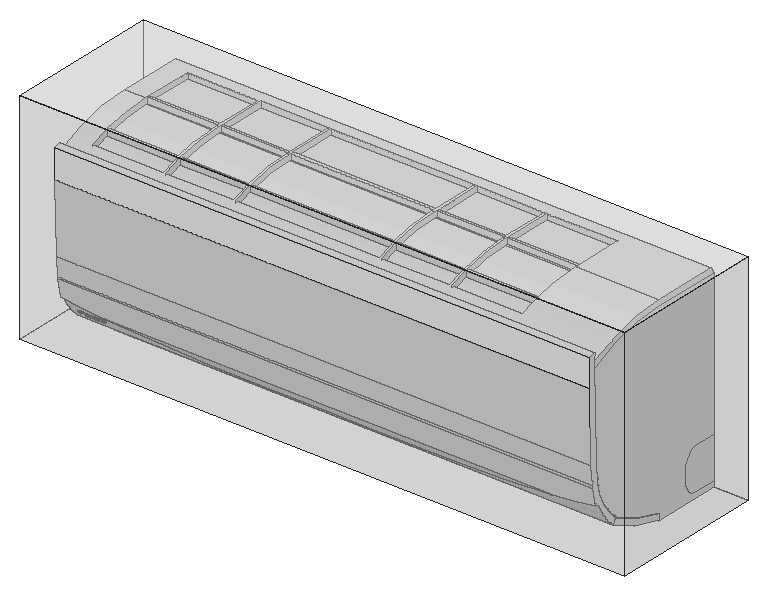
Revit family "outputfile", category 機械設備, Revit 2024
Family settings
  丸型コネクタ寸法 = 半径を使用
  パーツ タイプ = 標準
  OmniClass 番号 = 23.75.10.24.21.27.27
  OmniClass タイトル = Split System Air Conditioning Units
  作業面ベース = いいえ
  常に垂直 = はい
  ロード時にボイドで切り取り = いいえ
  注釈の向きを維持 = いいえ
  共有 = いいえ
  部屋計算ポイント = いいえ
Parameters (values of type "FTKM35Q2VMA")
  書き出し IFC クラス(タイプ) = "IfcUnitaryEquipmentType"
  定義済み IFC タイプ(タイプ) = "AIRCONDITIONINGUNIT"
  Cost = 0
  Type Comments = ""
  Keynote = ""
  Type Image = (empty or 0)
  Assembly Code = ""
  w_wall hole = if(Width = 770.0 mm, 48.0 mm, 60.0 mm)  # 48.0 mm
  製造元 = "Daikin"
  モデル = "FTKM35Q2VMA"
  switch_frequency = yes
  r_Liquid Pipe Size = Liquid Pipe Size / 2  # 3.2 mm
  r_Gas Pipe Size = Gas Pipe Size / 2  # 4.75 mm
  r_Drain Pipe Size = Drain Pipe Size / 2  # 8.0 mm
  lw_powersupply [instance] = if(Width = 770.0 mm, if(or(Rear Right Connection_refrigerant, Bottom Right Connection_refrigerant), 25.0 mm, if(or(Rear Left Connection_refrigerant, Bottom Left Connection_refrigerant), 745.0 mm, 400.0 mm)), if(Width = 990.0 mm, if(or(Rear Right Connection_refrigerant, Bottom Right Connection_refrigerant), 40.0 mm, if(or(Rear Left Connection_refrigerant, Bottom Left Connection_refrigerant), 920.0 mm, 400.0 mm)), if(or(Rear Right Connection_refrigerant, Bottom Right Connection_refrigerant), 40.0 mm, if(or(Rear Left Connection_refrigerant, Bottom Left Connection_refrigerant), 920.0 mm, 400.0 mm))))  # 400.0 mm
  lw_liquidpipe [instance] = if(Width = 770.0 mm, if(or(Rear Right Connection_refrigerant, Bottom Right Connection_refrigerant), 0.0 mm, if(or(Rear Left Connection_refrigerant, Bottom Left Connection_refrigerant), 664.0 mm, 385.0 mm)), if(Width = 990.0 mm, if(or(Rear Right Connection_refrigerant, Bottom Right Connection_refrigerant), 0.0 mm, if(or(Rear Left Connection_refrigerant, Bottom Left Connection_refrigerant), 664.0 mm + (990.0 mm - 770.0 mm), 475.0 mm)), if(or(Rear Right Connection_refrigerant, Bottom Right Connection_refrigerant), 0.0 mm, if(or(Rear Left Connection_refrigerant, Bottom Left Connection_refrigerant), 664.0 mm + (990.0 mm - 770.0 mm), 475.0 mm))))  # 385.0 mm
  lw_gaspipe [instance] = if(Width = 770.0 mm, if(or(Rear Right Connection_refrigerant, Bottom Right Connection_refrigerant), 0.0 mm, if(or(Rear Left Connection_refrigerant, Bottom Left Connection_refrigerant), 675.0 mm, if(Gas Pipe Size = 12.7 mm, 345.0 mm, 335.0 mm))), if(Width = 990.0 mm, if(or(Rear Right Connection_refrigerant, Bottom Right Connection_refrigerant), 10.0 mm, if(or(Rear Left Connection_refrigerant, Bottom Left Connection_refrigerant), 890.0 mm, if(Gas Pipe Size = 15.9 mm, 410.0 mm, 400.0 mm))), if(or(Rear Right Connection_refrigerant, Bottom Right Connection_refrigerant), 10.0 mm, if(or(Rear Left Connection_refrigerant, Bottom Left Connection_refrigerant), 890.0 mm, if(Gas Pipe Size = 15.9 mm, 410.0 mm, 400.0 mm)))))  # 335.0 mm
  lw_drainpipe [instance] = if(Width = 770.0 mm, if(or(Rear Right Connection_refrigerant, Bottom Right Connection_refrigerant), 0.0 mm, if(or(Rear Left Connection_refrigerant, Bottom Left Connection_refrigerant), 770.0 mm - 48.0 mm - 48.0 mm, 440.0 mm)), if(Width = 990.0 mm, if(or(Rear Right Connection_refrigerant, Bottom Right Connection_refrigerant), 0.0 mm, if(or(Rear Left Connection_refrigerant, Bottom Left Connection_refrigerant), 675.0 mm + (990.0 mm - 770.0 mm), 435.0 mm)), if(or(Rear Right Connection_refrigerant, Bottom Right Connection_refrigerant), 0.0 mm, if(or(Rear Left Connection_refrigerant, Bottom Left Connection_refrigerant), 675.0 mm + (990.0 mm - 770.0 mm), 435.0 mm))))  # 440.0 mm
  l_powersupply_length [instance] = if(Width = 770.0 mm, if(Right Connection_refrigerant, 400.0 mm, if(Left Connection_refrigerant, 770.0 mm - 400.0 mm, if(or(Rear Left Connection_refrigerant, Rear Right Connection_refrigerant), 15.0 mm, 50.0 mm))), if(Width = 990.0 mm, if(Right Connection_refrigerant, 400.0 mm, if(Left Connection_refrigerant, 990.0 mm - 400.0 mm, if(or(Rear Left Connection_refrigerant, Rear Right Connection_refrigerant), 15.0 mm, 50.0 mm))), if(Right Connection_refrigerant, 400.0 mm, if(Left Connection_refrigerant, 990.0 mm - 400.0 mm, if(or(Rear Left Connection_refrigerant, Rear Right Connection_refrigerant), 15.0 mm, 50.0 mm)))))  # 400.0 mm
  l_liquidpipe_length [instance] = if(Width = 770.0 mm, if(Right Connection_refrigerant, 433.0 mm, if(Left Connection_refrigerant, 337.0 mm, if(or(Rear Left Connection_refrigerant, Rear Right Connection_refrigerant), 30.0 mm, 40.0 mm))), if(Width = 990.0 mm, if(Right Connection_refrigerant, 535.0 mm, if(Left Connection_refrigerant, 455.0 mm, if(or(Rear Left Connection_refrigerant, Rear Right Connection_refrigerant), 30.0 mm, 40.0 mm))), if(Right Connection_refrigerant, 535.0 mm, if(Left Connection_refrigerant, 455.0 mm, if(or(Rear Left Connection_refrigerant, Rear Right Connection_refrigerant), 30.0 mm, 40.0 mm)))))  # 433.0 mm
  l_gaspipe_length [instance] = if(Width = 770.0 mm, if(Right Connection_refrigerant, if(Gas Pipe Size = 12.7 mm, 393.0 mm, 383.0 mm), if(Left Connection_refrigerant, if(Gas Pipe Size = 12.7 mm, 770.0 mm - 393.0 mm, 770.0 mm - 383.0 mm), if(or(Rear Left Connection_refrigerant, Rear Right Connection_refrigerant), 40.0 mm, 50.0 mm))), if(Width = 990.0 mm, if(Right Connection_refrigerant, if(Gas Pipe Size = 15.9 mm, 470.0 mm, 460.0 mm), if(Left Connection_refrigerant, if(Gas Pipe Size = 15.9 mm, 990.0 mm - 470.0 mm, 990.0 mm - 460.0 mm), if(or(Rear Left Connection_refrigerant, Rear Right Connection_refrigerant), 40.0 mm, 50.0 mm))), if(Right Connection_refrigerant, if(Gas Pipe Size = 15.9 mm, 470.0 mm, 460.0 mm), if(Left Connection_refrigerant, if(Gas Pipe Size = 15.9 mm, 990.0 mm - 470.0 mm, 990.0 mm - 460.0 mm), if(or(Rear Left Connection_refrigerant, Rear Right Connection_refrigerant), 40.0 mm, 50.0 mm)))))  # 383.0 mm
  l_drainpipe_length [instance] = if(Width = 770.0 mm, if(Right Connection_refrigerant, 488.0 mm, if(Left Connection_refrigerant, 282.0 mm, if(or(Rear Left Connection_refrigerant, Rear Right Connection_refrigerant), 15.0 mm, 20.0 mm))), if(Width = 990.0 mm, if(Right Connection_refrigerant, 495.0 mm, if(Left Connection_refrigerant, 495.0 mm, if(or(Rear Left Connection_refrigerant, Rear Right Connection_refrigerant), 15.0 mm, 20.0 mm))), if(Right Connection_refrigerant, 495.0 mm, if(Left Connection_refrigerant, 495.0 mm, if(or(Rear Left Connection_refrigerant, Rear Right Connection_refrigerant), 15.0 mm, 20.0 mm)))))  # 488.0 mm
  h*** = 0.0 mm  # constant formula
  connector_voltage = Voltage_50Hz  # 230 V
  connector_powerinput = [Power Input (Cooling)]  # 0.000 kW
  connector_phase = Phase_50Hz  # 1
  angle_vertical [instance] = if(or(Bottom Left Connection_refrigerant, Bottom Right Connection_refrigerant), 0.00°, 90.00°)  # 90.00°
  angle_horizontal [instance] = if(Right Connection_refrigerant, 90.00°, if(Left Connection_refrigerant, -90.00°, if(or(Rear Left Connection_refrigerant, Rear Right Connection_refrigerant), 180.00°, 0.00°)))  # 90.00°
  Width = 770.0 mm
  Voltage_comment_50Hz = "220 - 240"
  Voltage_50Hz = 230 V
  Version = "ver.1.0"
  Unit Type = "Wall Mounted"
  Unit Mass Weight = 9.00 kg
  Unit Designation [instance] = ""
  Uniclass2015Version = "Products v1.30"
  Uniclass2015Title = "Split coil room air conditioning units"
  Uniclass2015Code = "Pr_70_65_03_86"
  URL = ""
  Total Cooling Capacity [instance] = 0.000 kW
  Sound Pressure Level_M speed (dBA) = 34
  Sound Pressure Level_L speed (dBA) = 26
  Sound Pressure Level_H speed (dBA) = 42
  Sound Power Level_H speed (dB) = 0
  Series = "Single Split_Fan Coil Unit"
  Sensible Cooling Capacity [instance] = 0.000 kW
  Refrigerant Type = "R32"
  Power Input (Cooling) = 0.000 kW
  Phase_50Hz = 1
  Option Accessory 3 [instance] = ""
  Option Accessory 2 [instance] = ""
  Option Accessory 1 [instance] = ""
  Nominal Cooling Capacity = 3.500 kW
  Minimum Circuit Amps_50Hz = 0.0 A
  Minimum Airflow = 324.00 m³/h
  Median Airflow = 456.00 m³/h
  Maximum Fuse Amps_50Hz = 0.0 A
  Maximum Airflow = 630.00 m³/h
  Material_Casing = DAIKIN_PureWhite_Casing_indoorunit
  Load Classification = HVAC
  Liquid Pipe Size = 6.4 mm
  Link_Nested Family [instance] = ""
  IfcVersion = ""
  IfcExportType = "AIRCONDITIONINGUNIT"
  IfcExportAs = "IfcUnitaryEquipmentType"
  Height = 285.0 mm
  Heat Exchanger Type = "Cross Fin Coil"
  Gas Pipe Size = 9.5 mm
  Frequency_50Hz = 50 Hz
  Fan Type = "Cross Flow Fan"
  Fan Drive = "Direct Drive"
  FCU Tag No. [instance] = ""
  Drain Pipe Size = 16.0 mm
  Design Supply Airflow [instance] = 0.00 m³/h
  Description = ""
  Depth = 223.0 mm
  既定の高さ = 0.0 mm
  Cooling Entering Wet Bulb Temperature [instance] = 0.00 °C
  Cooling Entering Dry Bulb Temperature [instance] = 0.00 °C
  Cooling Ambient Wet Bulb Temperature [instance] = 0.00 °C
  Cooling Ambient Dry Bulb Temperature [instance] = 0.00 °C
  Clearance visibility [instance] = yes
  Clearance Top = 30.0 mm
  Clearance Right = 50.0 mm
  Clearance Rear = 0.0 mm
  Clearance Left = 50.0 mm
  Clearance Front = 0.0 mm
  Clearance Bottom = 0.0 mm
  Bottom Right Connection_refrigerant [instance] = no
  Bottom Left Connection_refrigerant [instance] = no
  Rear Right Connection_refrigerant [instance] = no
  Rear Left Connection_refrigerant [instance] = no
  Right Connection_refrigerant [instance] = yes
  Left Connection_refrigerant [instance] = no
Reference planes
  plane 1 "Back": y = 0
  plane 2: z = 0
  plane 3 "Center (Left/Right)": x = 0
  plane 4 "Center (Front/Back)": y = -111.5
  plane 5 "Front": y = -223
  plane 6 "Left": x = -385
  plane 7 "Right": x = 385
  plane 8 "Top": z = 0
  plane 9 "Bottom": z = -285
  plane 10: x = -435
  plane 11: x = 435
  plane 12: y = 0
  plane 13: y = -223
  plane 14: z = 30
  plane 15: z = -285
  plane 16 "lw_Piping and Wiring intake": x = 337
  plane 17 "lw_gaspipe": x = 2
  plane 18 "lw_liquidpipe": x = -48
  plane 19 "lw_drainpipe": x = -103
  plane 20 "lh_drainpipe": z = -265
  plane 21 "lh_liquidpipe": z = -245
  plane 22 "lh_gaspipe": z = -235
  plane 23 "ld_drainpipe": y = -15
  plane 24 "ld_liquidpipe": y = -30
  plane 25 "ld_gaspipe": y = -40
  plane 26 "lw_powersupply": x = -15
Dimensions and locks
  equal spacing: plane 6 "Left", plane 3 "Center (Left/Right)", plane 7 "Right"
  "Width": plane 6 "Left" to plane 7 "Right"
  equal spacing: plane 5 "Front", plane 4 "Center (Front/Back)", plane 1 "Back"
  "Depth": plane 5 "Front" to plane 1 "Back"
  "Height": plane 8 "Top" to plane 9 "Bottom"
  "Clearance Rear": plane 12 to plane 1 "Back"
  "Clearance Front": plane 13 to plane 5 "Front"
  "Clearance Top": plane 14 to plane 8 "Top"
  "Clearance Bottom": plane 9 "Bottom" to plane 15
  "w_wall hole": plane 16 "lw_Piping and Wiring intake" to plane 7 "Right"
  "lw_gaspipe": plane 17 "lw_gaspipe" to plane 16 "lw_Piping and Wiring intake"
  "lw_liquidpipe": plane 18 "lw_liquidpipe" to plane 16 "lw_Piping and Wiring intake"
  "lw_drainpipe": plane 19 "lw_drainpipe" to plane 16 "lw_Piping and Wiring intake"
  locked: plane 20 "lh_drainpipe" to plane 9 "Bottom" at 20
  locked: plane 21 "lh_liquidpipe" to plane 9 "Bottom" at 40
  locked: plane 22 "lh_gaspipe" to plane 9 "Bottom" at 50
  locked: plane 23 "ld_drainpipe" to plane 1 "Back" at 15
  locked: plane 1 "Back" to plane 24 "ld_liquidpipe" at 30
  locked: plane 1 "Back" to plane 25 "ld_gaspipe" at 40
  "lw_powersupply": plane 26 "lw_powersupply" to plane 7 "Right"
  "Clearance Right": plane 7 "Right" to plane 11
  "Clearance Left": plane 10 to plane 6 "Left"
  aligned and locked: level to plane 2
  aligned and locked: plane 12 to nested 1
  aligned and locked: nested 1 to plane 13
  aligned and locked: plane 10 to nested 1
  aligned and locked: plane 11 to nested 1
  aligned and locked: plane 15 to nested 1
  aligned and locked: plane 14 to nested 1
  aligned and locked: plane 17 "lw_gaspipe" to nested 2
  aligned and locked: nested 2 to plane 25 "ld_gaspipe"
  aligned and locked: plane 18 "lw_liquidpipe" to nested 3
  aligned and locked: nested 3 to plane 24 "ld_liquidpipe"
  aligned and locked: plane 19 "lw_drainpipe" to nested 4
  aligned and locked: nested 4 to plane 23 "ld_drainpipe"
  aligned and locked: nested 5 to plane 23 "ld_drainpipe"
  aligned and locked: plane 26 "lw_powersupply" to nested 5
  aligned and locked: level to plane 8 "Top"
  aligned and locked: plane 3 "Center (Left/Right)" to nested 6
  aligned and locked: plane 1 "Back" to nested 6
  aligned and locked: plane 8 "Top" to nested 6
Nested families
  nested 1: "daikin_clearancespace" at (0, -111.5, -127.381), show <- "Clearance visibility", visible <- "Clearance visibility", Link_Nested Family <- "Link_Nested Family", type "daikin_clearancespace"
    with width 870.0 mm, show yes, height 315.0 mm, depth 223.0 mm, Link_Nested Family ""
  nested 2: "daikin_connector_rotate3" at (2, -40, -235), angle_vertical <- "angle_vertical", angle_horizontal <- "angle_horizontal", length <- "l_gaspipe_length", radius <- "r_Gas Pipe Size", type "daikin_connector_rotate3"
    with show no, radius 4.75 mm, length 383.0 mm, angle_vertical 90.00°, angle_horizontal 90.00°
  nested 3: "daikin_connector_rotate3" at (-48, -30, -245), angle_vertical <- "angle_vertical", angle_horizontal <- "angle_horizontal", radius <- "r_Liquid Pipe Size", length <- "l_liquidpipe_length", type "daikin_connector_rotate3"
    with show no, radius 3.2 mm, length 433.0 mm, angle_vertical 90.00°, angle_horizontal 90.00°
  nested 4: "daikin_connector_rotate3" at (-103, -15, -265), angle_vertical <- "angle_vertical", angle_horizontal <- "angle_horizontal", length <- "l_drainpipe_length", radius <- "r_Drain Pipe Size", type "daikin_connector_rotate3"
    with show no, radius 8.0 mm, length 488.0 mm, angle_vertical 90.00°, angle_horizontal 90.00°
  nested 5: "daikin_connector_rotate3" at (-15, -15, -235), angle_vertical <- "angle_vertical", angle_horizontal <- "angle_horizontal", length <- "l_powersupply_length", type "daikin_connector_rotate3"
    with show no, radius 10.0 mm, length 400.0 mm, angle_vertical 90.00°, angle_horizontal 90.00°
  nested 6: "DAIKIN_indoorunit_FTKM-Q2VMA" at (-31, 0, 0), type "FTKM-Q2VMA"
Connectors
  piping at (385, -40, -235), diameter 9.5, driven by "r_Gas Pipe Size"
    settings: on nested 2, index 1, connector inside diameter 609.6 mm, connector length 0.0 mm, flow factor 0, pipe flow 0.00 m³/h, pressure drop 0.0 Pa, fitting loss kfactor 0, connector angle 0.00°, fixture units 0, engagement length 0.0 mm, angle of deflection 0.00°, flow configuration 1, flow direction 2, fitting loss method 0, system type 29, joint type 0, gender type 0, connector reference index -1, connector utility 0, adjustable connector no, is connector primary yes, connector description "Refrigerant Gas Piping"
  piping at (385, -30, -245), diameter 6.4, driven by "r_Liquid Pipe Size"
    settings: on nested 3, index 2, connector inside diameter 609.6 mm, connector length 0.0 mm, flow factor 0, pipe flow 0.00 m³/h, pressure drop 0.0 Pa, fitting loss kfactor 0, connector angle 0.00°, fixture units 0, engagement length 0.0 mm, angle of deflection 0.00°, flow configuration 1, flow direction 1, fitting loss method 0, system type 29, joint type 0, gender type 0, connector reference index -1, connector utility 0, adjustable connector no, is connector primary no, connector description "Refrigerant Liquid Piping"
  piping at (385, -15, -265), diameter 16, driven by "r_Drain Pipe Size"
    settings: on nested 4, index 3, connector inside diameter 609.6 mm, connector length 0.0 mm, flow factor 0, pipe flow 0.00 m³/h, pressure drop 0.0 Pa, fitting loss kfactor 0, connector angle 0.00°, fixture units 0, engagement length 0.0 mm, angle of deflection 0.00°, flow configuration 1, flow direction 2, fitting loss method 4, system type 16, joint type 0, gender type 0, connector reference index -1, connector utility 0, adjustable connector no, is connector primary no, connector description "Condensate Drain Piping"
  electrical at (385, -15, -235), driven by "Load Classification", driven by "connector_powerinput", driven by "connector_voltage", driven by "connector_phase"
    settings: on nested 5, index 4, voltage 230 V, apparent load 0 VA, apparent load phase1 0 VA, apparent load phase2 0 VA, apparent load phase3 0 VA, power factor 1, load classification "HVAC", number of poles 1, system type 30, power factor state 1, is connector primary yes, connector utility no, sub classification motor no, connector description "Power Supply"
Definition of nested family "daikin_clearancespace"
  Parameters (values of type "daikin_clearancespace")
    Description = "daikin_clearancespace"
    width [instance] = 1823.963 mm
    show [instance] = yes
    material = none
    height [instance] = 1359.762 mm
    depth [instance] = 880.0 mm
    Default Elevation = 0.0 mm
    Link_Nested Family [instance] = ""
  Reference planes
    plane 1 "Center (Front/Back)": y = 0
    plane 2 "Center (Elevation)": z = -0.119
    plane 3 "Center (Left/Right)": x = 0
    plane 4: y = 440
    plane 5: y = -440
    plane 6 "Right": x = 911.982
    plane 7 "Left": x = -911.982
    plane 8 "Top": z = 679.762
    plane 9 "Bottom": z = -680
  Forms (mm)
    Extrusion 1, solid, material <- "material", visible <- "show"
      sketch origin (0, 0, 0) x (1, 0, 0) y (0, 1, 0)
        loop
          line (-911.982, 440) -> (-911.982, -440) -> (911.982, -440) -> (911.982, 440) -> (-911.982, 440)
      from -680 to 679.762
  Lines and regions (mm)
    symbolic lines, visible <- "show"
      curve 1: line (911.982, 440, 0) -> (-911.982, 440, 0)
      curve 2: line (-911.982, 440, 0) -> (-911.982, -440, 0)
      curve 3: line (-911.982, -440, 0) -> (911.982, -440, 0)
      curve 4: line (911.982, -440, 0) -> (911.982, 440, 0)
      curve 5: line (911.982, 0, 679.762) -> (-911.982, 0, 679.762)
      curve 6: line (911.982, 0, -680) -> (911.982, 0, 679.762)
      curve 7: line (-911.982, 0, -680) -> (911.982, 0, -680)
      curve 8: line (-911.982, 0, 679.762) -> (-911.982, 0, -680)
      curve 9: line (0, 440, 679.762) -> (0, -440, 679.762)
      curve 10: line (0, -440, 679.762) -> (0, -440, -680)
      curve 11: line (0, 440, -680) -> (0, 440, 679.762)
      curve 12: line (0, -440, -680) -> (0, 440, -680)
  Dimensions and locks
    "width": plane 7 "Left" to plane 6 "Right"
    "depth": plane 4 to plane 5
    "height": plane 8 "Top" to plane 9 "Bottom"
    equal spacing: plane 7 "Left", plane 3 "Center (Left/Right)", plane 6 "Right"
    equal spacing: plane 4, plane 1 "Center (Front/Back)", plane 5
    equal spacing: plane 8 "Top", plane 2 "Center (Elevation)", plane 9 "Bottom"
    aligned and locked: level to plane 2 "Center (Elevation)"
    aligned and locked: Extrusion 1 sketch curve to plane 4
    aligned and locked: plane 7 "Left" to Extrusion 1 sketch curve
    aligned and locked: Extrusion 1 sketch curve to plane 5
    aligned and locked: Extrusion 1 sketch curve to plane 6 "Right"
    aligned and locked: plane 8 "Top" to Extrusion 1
    aligned and locked: curve 1 to Extrusion 1
    aligned and locked: curve 2 to Extrusion 1
    aligned and locked: curve 3 to Extrusion 1
    aligned and locked: curve 4 to Extrusion 1
    aligned and locked: curve 5 to Extrusion 1
    aligned and locked: curve 6 to Extrusion 1
    aligned and locked: curve 7 to Extrusion 1
    aligned and locked: curve 8 to Extrusion 1
    aligned and locked: curve 9 to Extrusion 1
    aligned and locked: curve 10 to Extrusion 1
    aligned and locked: curve 11 to Extrusion 1
    aligned and locked: curve 12 to Extrusion 1
    aligned and locked: Extrusion 1 to plane 9 "Bottom"
Definition of nested family "DAIKIN_indoorunit_FTKM-Q2VMA"
  Parameters (values of type "FTKM-QVMA")
    switch_unit1_50-71 = Width = 990.0 mm  # no
    switch_unit1_20-46 = Width = 770.0 mm  # yes
    Width = 770.0 mm
    WALL HOLE-R = if(Width = 770.0 mm, 48.0 mm, 60.0 mm)  # 48.0 mm
    WALL HOLE Size = if(Width = 770.0 mm, 65.0 mm, 80.0 mm)  # 65.0 mm
    Material_Casing = none
    Height = if(Width = 770.0 mm, 285.0 mm, 295.0 mm)  # 285.0 mm
    Default Elevation = 0.0 mm
  Reference planes
    plane 1 "Center (Front/Back)": y = 0
    plane 2 "reference_level": z = 0
    plane 3 "Center (Left/Right)": x = 31
    plane 4: x = -354
    plane 5: x = 416
    plane 6: z = -285
  Forms (mm)
    Extrusion 1, solid, material <- "Material_Casing", visible <- "switch_unit1_20-46"
      sketch origin (29, 0, 0) x (0, 1, 0) y (0, 0, 1)
        loop
          line (-5, 0) -> (-98, 0)
          arc (-98, 0) -> (-157.611, -7.211) -> (-213.783, -28.427) r 250
          arc (-213.783, -28.427) -> (-213.842, -32.972) -> (-213.892, -37.516) r 2191
          arc (-213.892, -37.516) -> (-157.832, -15.495) -> (-98.07, -8) r 242
          line (-98.07, -8) -> (0, -8) -> (-5, 0)
      from -383 to 387
    Extrusion 2, solid, material <- "Material_Casing", visible <- "switch_unit1_20-46"
      sketch origin (416, 1296.25, 1200) x (0, 1, 0) y (0, 0, 1)
        loop
          line (-1472.998, -1446.91) -> (-1476.998, -1453.839)
          arc (-1476.998, -1453.839) -> (-1437.481, -1472.422) -> (-1395.25, -1483.538) r 240
          line (-1395.25, -1483.538) -> (-1395.25, -1475.422)
          arc (-1395.25, -1475.422) -> (-1435.407, -1464.663) -> (-1472.998, -1446.91) r 232
      from 0 to -47.5
    Extrusion 3, solid, material <- "Material_Casing", visible <- "switch_unit1_20-46"
      sketch origin (29, 0, 0) x (0, 1, 0) y (0, 0, 1)
        loop
          arc (-223, -60.455) -> (-222.414, -110.646) -> (-220.656, -160.81) r 2149.92
          arc (-220.656, -160.81) -> (-219.65, -174.299) -> (-217.853, -187.706) r 229.911
          arc (-217.853, -187.706) -> (-205.371, -223.594) -> (-181.517, -253.17) r 111
          line (-181.517, -253.17) -> (-177.429, -246.093)
          arc (-177.429, -246.093) -> (-198.77, -218.989) -> (-209.965, -186.36) r 103
          arc (-209.965, -186.36) -> (-211.681, -173.586) -> (-212.651, -160.735) r 221.844
          arc (-212.651, -160.735) -> (-214.739, -93.233) -> (-214.74, -25.699) r 2186.828
          arc (-214.74, -25.699) -> (-214.671, -21.467) -> (-214.594, -17.235) r 2192
          line (-214.594, -17.235) -> (-223, -19.961) -> (-223, -60.455)
      from -383 to 387
    Extrusion 4, solid, material <- "Material_Casing", visible <- "switch_unit1_20-46"
      sketch origin (29, 0, 0) x (0, 1, 0) y (0, 0, 1)
        loop
          line (-181.517, -253.17) -> (-179.597, -249.846)
          arc (-179.597, -249.846) -> (-202.009, -221.399) -> (-213.189, -186.952) r 103
          line (-213.189, -186.952) -> (-217.853, -187.706)
          arc (-217.853, -187.706) -> (-217.533, -189.556) -> (-217.182, -191.4) r 111
          arc (-217.182, -191.4) -> (-213.806, -208.181) -> (-210.362, -224.948) r 4257.809
          arc (-210.362, -224.948) -> (-198.886, -237.857) -> (-186.225, -249.607) r 180
          line (-186.225, -249.607) -> (-181.517, -253.17)
      from -383 to 387
    Extrusion 5, solid, material <- "Material_Casing", visible <- "switch_unit1_20-46"
      sketch origin (29, 0, -20) x (0, 1, 0) y (0, 0, 1)
        loop
          line (0, -265) -> (0, 12) -> (-98.07, 12)
          arc (-98.07, 12) -> (-157.832, 4.505) -> (-213.892, -17.516) r 242
          arc (-213.892, -17.516) -> (-213.638, -79.114) -> (-211.653, -140.681) r 2191
          arc (-211.653, -140.681) -> (-210.685, -153.501) -> (-208.973, -166.243) r 221
          arc (-208.973, -166.243) -> (-197.471, -199.282) -> (-175.482, -226.491) r 102
          arc (-175.482, -226.491) -> (-138.004, -244.019) -> (-98, -254.579) r 231
          line (-98, -254.579) -> (-98, -265) -> (0, -265)
      from -383 to 387
    Extrusion 6, solid, material <- "Material_Casing", visible <- "switch_unit1_20-46"
      sketch origin (-354, 1296.25, 1200) x (0, 1, 0) y (0, 0, 1)
        loop
          line (-1472.998, -1446.91) -> (-1476.998, -1453.839)
          arc (-1476.998, -1453.839) -> (-1437.481, -1472.422) -> (-1395.25, -1483.538) r 240
          line (-1395.25, -1483.538) -> (-1395.25, -1475.422)
          arc (-1395.25, -1475.422) -> (-1435.407, -1464.663) -> (-1472.998, -1446.91) r 232
      from 47 to 0
    Extrusion 7, solid, material <- "Material_Casing", visible <- "switch_unit1_20-46"
      sketch origin (416, 1296.25, 1200) x (0, 1, 0) y (0, 0, 1)
        loop
          line (-1472.998, -1446.91) -> (-1476.998, -1453.839)
          arc (-1476.998, -1453.839) -> (-1443.437, -1470.168) -> (-1407.75, -1481.097) r 240
          line (-1407.75, -1481.097) -> (-1407.75, -1472.894)
          arc (-1407.75, -1472.894) -> (-1441.363, -1462.385) -> (-1472.998, -1446.91) r 232
      from -116.993 to -48.493
    Extrusion 8, solid, material <- "Material_Casing", visible <- "switch_unit1_20-46"
      sketch origin (416, 1296.25, 1200) x (0, 1, 0) y (0, 0, 1)
        loop
          line (-1472.998, -1446.91) -> (-1476.998, -1453.839)
          arc (-1476.998, -1453.839) -> (-1443.437, -1470.168) -> (-1407.75, -1481.097) r 240
          line (-1407.75, -1481.097) -> (-1407.75, -1472.894)
          arc (-1407.75, -1472.894) -> (-1441.363, -1462.385) -> (-1472.998, -1446.91) r 232
      from -717 to -121.993
    Extrusion 9, void
      sketch origin (31, 0, -235) x (1, 0, 0) y (0, 1, 0)
        loop
          line (-252.674, -22.316) -> (-354.941, -22.316) -> (-354.941, -91.341) -> (-252.674, -91.341) -> (-252.674, -22.316)
        loop
          line (-249.341, -91.341) -> (-151.574, -91.341) -> (-151.574, -22.316) -> (-249.341, -22.316) -> (-249.341, -91.341)
        loop
          line (58.309, -22.316) -> (-148.309, -22.316) -> (-148.309, -91.341) -> (58.309, -91.341) -> (58.309, -22.316)
        loop
          line (61.689, -22.316) -> (61.689, -91.341) -> (159.457, -91.341) -> (159.457, -22.316) -> (61.689, -22.316)
        loop
          line (162.789, -22.316) -> (162.789, -91.341) -> (265.057, -91.341) -> (265.057, -22.316) -> (162.789, -22.316)
        loop
          line (-354.941, -94.659) -> (-354.941, -165.259) -> (-252.674, -165.259) -> (-252.674, -94.659) -> (-354.941, -94.659)
        loop
          line (-249.341, -94.659) -> (-249.341, -165.259) -> (-151.574, -165.259) -> (-151.574, -94.659) -> (-249.341, -94.659)
        loop
          line (-148.309, -94.659) -> (-148.309, -165.259) -> (58.309, -165.259) -> (58.309, -94.659) -> (-148.309, -94.659)
        loop
          line (61.689, -94.659) -> (61.689, -165.259) -> (159.457, -165.259) -> (159.457, -94.659) -> (61.689, -94.659)
        loop
          line (162.789, -94.659) -> (162.789, -165.259) -> (265.057, -165.259) -> (265.057, -94.659) -> (162.789, -94.659)
        loop
          line (-354.941, -167.382) -> (-354.941, -192.681) -> (-252.674, -192.681) -> (-252.674, -167.382) -> (-354.941, -167.382)
        loop
          line (-249.341, -167.382) -> (-249.341, -192.681) -> (-151.574, -192.681) -> (-151.574, -167.382) -> (-249.341, -167.382)
        loop
          line (-148.309, -167.382) -> (-148.309, -192.681) -> (58.309, -192.681) -> (58.309, -167.382) -> (-148.309, -167.382)
        loop
          line (159.457, -167.382) -> (61.689, -167.382) -> (61.689, -192.681) -> (159.457, -192.681) -> (159.457, -167.382)
        loop
          line (265.057, -167.382) -> (162.789, -167.382) -> (162.789, -192.681) -> (265.057, -192.681) -> (265.057, -167.382)
      from 201.638 to 250
    Extrusion 10, void
      sketch origin (31, 0, 0) x (1, 0, 0) y (0, 0, 1)
        loop
          arc (597, -174.907) -> (0.056, -245.263) -> (-597, -175.856) r 2585.042
          line (-597, -175.856) -> (-597, -352.872) -> (597, -352.872) -> (597, -174.907)
      from 173 to 315.3
    Extrusion 11, solid, material <- "Material_Casing"
      sketch origin (31, 0, 0) x (1, 0, 0) y (0, 0, 1)
        loop
          circle (337, -240.5) r 32.5
        loop
          circle (-337, -240.5) r 32.5
      from 0 to 5
    Extrusion 12, solid, material <- "Material_Casing", visible <- "switch_unit1_20-46"
      sketch origin (416, 1296.25, 1200) x (0, -1, 0) y (0, 0, 1)
        loop
          line (1326.25, -1417) -> (1296.25, -1417) -> (1296.25, -1477) -> (1326.25, -1477)
          arc (1326.25, -1477) -> (1340.393, -1471.142) -> (1346.25, -1457) r 20
          line (1346.25, -1457) -> (1346.25, -1437)
          arc (1346.25, -1437) -> (1340.393, -1422.858) -> (1326.25, -1417) r 20
      from 0 to 5
    Extrusion 13, solid, material <- "Material_Casing", visible <- "switch_unit1_20-46"
      sketch origin (-354, 1296.25, 1200) x (0, 1, 0) y (0, 0, 1)
        loop
          line (-1296.25, -1417) -> (-1326.25, -1417)
          arc (-1326.25, -1417) -> (-1340.393, -1422.858) -> (-1346.25, -1437) r 20
          line (-1346.25, -1437) -> (-1346.25, -1457)
          arc (-1346.25, -1457) -> (-1340.393, -1471.142) -> (-1326.25, -1477) r 20
          line (-1326.25, -1477) -> (-1296.25, -1477) -> (-1296.25, -1417)
      from 0 to 5
    Extrusion 14, solid, material <- "Material_Casing", visible <- "switch_unit1_20-46"
      sketch origin (31, 0, -285) x (-1, 0, 0) y (0, -1, 0)
        loop
          line (-314, 0) -> (-314, 30)
          arc (-314, 30) -> (-319.858, 44.142) -> (-334, 50) r 20
          line (-334, 50) -> (-354, 50)
          arc (-354, 50) -> (-368.142, 44.142) -> (-374, 30) r 20
          line (-374, 30) -> (-374, 0) -> (-314, 0)
        loop
          line (374, 0) -> (374, 30)
          arc (374, 30) -> (368.142, 44.142) -> (354, 50) r 20
          line (354, 50) -> (334, 50)
          arc (334, 50) -> (319.858, 44.142) -> (314, 30) r 20
          line (314, 30) -> (314, 0) -> (374, 0)
      from 0 to 5
    Extrusion 15, solid, material <- "Material_Casing", visible <- "switch_unit1_50-71"
      sketch origin (31, 0, 0) x (0, 1, 0) y (0, 0, 1)
        loop
          line (-5, 0) -> (-138, 0)
          arc (-138, 0) -> (-197.611, -7.211) -> (-253.783, -28.427) r 250
          arc (-253.783, -28.427) -> (-253.838, -32.687) -> (-253.886, -36.946) r 2191
          arc (-253.886, -36.946) -> (-197.73, -15.346) -> (-138.014, -8) r 246.393
          line (-138.014, -8) -> (0, -8) -> (-5, 0)
      from -495 to 495
    Extrusion 16, solid, material <- "Material_Casing", visible <- "switch_unit1_50-71"
      sketch origin (418, 1296.25, 1200) x (0, 1, 0) y (0, 0, 1)
        loop
          arc (-1515.208, -1454.149) -> (-1506.856, -1460.599) -> (-1497.925, -1466.219) r 110
          arc (-1497.925, -1466.219) -> (-1445.718, -1487.493) -> (-1389.844, -1494.995) r 223
          line (-1389.844, -1494.995) -> (-1389.844, -1486.086) -> (-1404.386, -1486.086)
          arc (-1404.386, -1486.086) -> (-1449.542, -1477.46) -> (-1491.818, -1459.402) r 214.289
          arc (-1491.818, -1459.402) -> (-1501.056, -1453.541) -> (-1509.606, -1446.715) r 101
          line (-1509.606, -1446.715) -> (-1515.208, -1454.149)
      from 108 to 57.5
    Extrusion 17, solid, material <- "Material_Casing", visible <- "switch_unit1_50-71"
      sketch origin (31, 0, 0) x (0, 1, 0) y (0, 0, 1)
        loop
          line (-263, -19.962) -> (-263, -61.6)
          arc (-263, -61.6) -> (-262.414, -110.219) -> (-260.656, -158.81) r 2017.341
          arc (-260.656, -158.81) -> (-255.648, -191.935) -> (-244.041, -223.362) r 164.725
          arc (-244.041, -223.362) -> (-233.569, -239.793) -> (-219.717, -253.495) r 87.379
          line (-219.717, -253.495) -> (-214.706, -246.846)
          arc (-214.706, -246.846) -> (-229.564, -230.029) -> (-240.385, -210.371) r 102
          arc (-240.385, -210.371) -> (-249.049, -182.962) -> (-252.848, -154.467) r 165.789
          arc (-252.848, -154.467) -> (-254.771, -90.102) -> (-254.74, -25.708) r 2122.533
          arc (-254.74, -25.708) -> (-254.671, -21.469) -> (-254.594, -17.23) r 2192
          line (-254.594, -17.23) -> (-263, -19.962)
      from -495 to 495
    Extrusion 18, void
      sketch origin (33, 0, 0) x (1, 0, 0) y (0, 1, 0)
        loop
          line (-466.909, -22.316) -> (-466.909, -111.341) -> (-366.303, -111.341) -> (-366.303, -22.316) -> (-466.909, -22.316)
        loop
          line (-362.71, -22.316) -> (-362.71, -111.341) -> (-262.103, -111.341) -> (-262.103, -22.316) -> (-362.71, -22.316)
        loop
          line (-258.51, -22.316) -> (-258.51, -111.341) -> (-157.904, -111.341) -> (-157.904, -22.316) -> (-258.51, -22.316)
        loop
          line (-154.31, -22.316) -> (-154.31, -111.341) -> (-53.704, -111.341) -> (-53.704, -22.316) -> (-154.31, -22.316)
        loop
          line (-50.11, -22.316) -> (-50.11, -111.341) -> (50.496, -111.341) -> (50.496, -22.316) -> (-50.11, -22.316)
        loop
          line (54.089, -22.316) -> (54.089, -111.341) -> (154.696, -111.341) -> (154.696, -22.316) -> (54.089, -22.316)
        loop
          line (158.289, -22.316) -> (158.289, -111.341) -> (258.895, -111.341) -> (258.895, -22.316) -> (158.289, -22.316)
        loop
          line (262.489, -22.316) -> (262.489, -111.341) -> (363.095, -111.341) -> (363.095, -22.316) -> (262.489, -22.316)
        loop
          line (-466.909, -114.459) -> (-466.909, -185.059) -> (-366.303, -185.059) -> (-366.303, -114.459) -> (-466.909, -114.459)
        loop
          line (-362.71, -114.459) -> (-362.71, -185.059) -> (-262.103, -185.059) -> (-262.103, -114.459) -> (-362.71, -114.459)
        loop
          line (-258.51, -114.459) -> (-258.51, -185.059) -> (-157.904, -185.059) -> (-157.904, -114.459) -> (-258.51, -114.459)
        loop
          line (-154.31, -114.459) -> (-154.31, -185.059) -> (-53.704, -185.059) -> (-53.704, -114.459) -> (-154.31, -114.459)
        loop
          line (-50.11, -114.459) -> (-50.11, -185.059) -> (50.496, -185.059) -> (50.496, -114.459) -> (-50.11, -114.459)
        loop
          line (54.089, -114.459) -> (54.089, -185.059) -> (154.696, -185.059) -> (154.696, -114.459) -> (54.089, -114.459)
        loop
          line (158.289, -114.459) -> (158.289, -185.059) -> (258.895, -185.059) -> (258.895, -114.459) -> (158.289, -114.459)
        loop
          line (262.489, -114.459) -> (262.489, -185.059) -> (363.095, -185.059) -> (363.095, -114.459) -> (262.489, -114.459)
        loop
          line (-466.909, -187.382) -> (-466.909, -232.681) -> (-366.303, -232.681) -> (-366.303, -187.382) -> (-466.909, -187.382)
        loop
          line (-362.71, -187.382) -> (-362.71, -232.681) -> (-262.103, -232.681) -> (-262.103, -187.382) -> (-362.71, -187.382)
        loop
          line (-258.51, -187.382) -> (-258.51, -232.681) -> (-157.904, -232.681) -> (-157.904, -187.382) -> (-258.51, -187.382)
        loop
          line (-154.31, -187.382) -> (-154.31, -232.681) -> (-53.704, -232.681) -> (-53.704, -187.382) -> (-154.31, -187.382)
        loop
          line (-50.11, -187.382) -> (-50.11, -232.681) -> (50.496, -232.681) -> (50.496, -187.382) -> (-50.11, -187.382)
        loop
          line (54.089, -187.382) -> (54.089, -232.681) -> (154.696, -232.681) -> (154.696, -187.382) -> (54.089, -187.382)
        loop
          line (158.289, -187.382) -> (158.289, -232.681) -> (258.895, -232.681) -> (258.895, -187.382) -> (158.289, -187.382)
        loop
          line (262.489, -187.382) -> (262.489, -232.681) -> (363.095, -232.681) -> (363.095, -187.382) -> (262.489, -187.382)
      from -40.013 to 47.268
    Extrusion 19, void
      sketch origin (33, 0, 2300) x (1, 0, 0) y (0, 0, 1)
        loop
          line (705, -2672.872) -> (705, -2462.4)
          arc (705, -2462.4) -> (-2.043, -2534.819) -> (-709, -2461.567) r 3467.757
          line (-709, -2461.567) -> (-709, -2672.872) -> (705, -2672.872)
      from 173 to 315.3
    Extrusion 20, solid, material <- "Material_Casing", visible <- "switch_unit1_50-71"
      sketch origin (-356, 1296.25, 1200) x (0, 1, 0) y (0, 0, -1)
        loop
          line (-1515.208, 1454.149) -> (-1509.606, 1446.715)
          arc (-1509.606, 1446.715) -> (-1501.056, 1453.541) -> (-1491.818, 1459.402) r 101
          arc (-1491.818, 1459.402) -> (-1449.542, 1477.46) -> (-1404.386, 1486.086) r 214.289
          line (-1404.386, 1486.086) -> (-1389.844, 1486.086) -> (-1389.844, 1494.995)
          arc (-1389.844, 1494.995) -> (-1445.718, 1487.493) -> (-1497.925, 1466.219) r 223
          arc (-1497.925, 1466.219) -> (-1506.856, 1460.599) -> (-1515.208, 1454.149) r 110
      from 108 to 61
    Extrusion 21, solid, material <- "Material_Casing", visible <- "switch_unit1_50-71"
      sketch origin (418, 1296.25, 1200) x (0, 1, 0) y (0, 0, 1)
        loop
          arc (-1515.208, -1454.149) -> (-1506.856, -1460.599) -> (-1497.925, -1466.219) r 110
          arc (-1497.925, -1466.219) -> (-1463.185, -1482.066) -> (-1426.25, -1491.755) r 223
          line (-1426.25, -1491.755) -> (-1426.25, -1483.166)
          arc (-1426.25, -1483.166) -> (-1460.008, -1473.969) -> (-1491.818, -1459.402) r 214.289
          arc (-1491.818, -1459.402) -> (-1501.056, -1453.541) -> (-1509.606, -1446.715) r 101
          line (-1509.606, -1446.715) -> (-1515.208, -1454.149)
      from 56.5 to -36.993
    Extrusion 22, solid, material <- "Material_Casing", visible <- "switch_unit1_50-71"
      sketch origin (418, 1296.25, 1200) x (0, 1, 0) y (0, 0, 1)
        loop
          arc (-1426.25, -1483.166) -> (-1443.442, -1479.224) -> (-1460.25, -1473.881) r 214.289
          line (-1460.25, -1473.881) -> (-1460.25, -1483.089)
          arc (-1460.25, -1483.089) -> (-1443.421, -1488.091) -> (-1426.25, -1491.755) r 223
          line (-1426.25, -1491.755) -> (-1426.25, -1483.166)
      from -43.493 to -828.893
    Extrusion 23, solid, material <- "Material_Casing", visible <- "switch_unit1_50-71"
      sketch origin (418, 1296.25, 1200) x (0, 1, 0) y (0, 0, 1)
        loop
          arc (-1515.208, -1454.149) -> (-1506.856, -1460.599) -> (-1497.925, -1466.219) r 110
          arc (-1497.925, -1466.219) -> (-1479.479, -1475.527) -> (-1460.25, -1483.089) r 223
          line (-1460.25, -1483.089) -> (-1460.25, -1473.881)
          arc (-1460.25, -1473.881) -> (-1476.328, -1467.282) -> (-1491.818, -1459.402) r 214.289
          arc (-1491.818, -1459.402) -> (-1501.056, -1453.541) -> (-1509.606, -1446.715) r 101
          line (-1509.606, -1446.715) -> (-1515.208, -1454.149)
      from -43.493 to -828.893
    Extrusion 24, solid, material <- "Material_Casing", visible <- "switch_unit1_50-71"
      sketch origin (31, 0, 0) x (0, 1, 0) y (0, 0, 1)
        loop
          arc (-217.78, -250.924) -> (-234.088, -233.307) -> (-245.826, -212.366) r 102
          arc (-245.826, -212.366) -> (-251.608, -196.062) -> (-255.659, -179.245) r 165.789
          line (-255.659, -179.245) -> (-258.299, -179.737)
          arc (-258.299, -179.737) -> (-257.524, -183.799) -> (-256.646, -187.84) r 164.725
          arc (-256.646, -187.84) -> (-252.868, -206.25) -> (-249.973, -224.82) r 393.089
          arc (-249.973, -224.82) -> (-239.237, -236.969) -> (-227.451, -248.102) r 180
          arc (-227.451, -248.102) -> (-223.723, -250.998) -> (-219.717, -253.495) r 45.878
          line (-219.717, -253.495) -> (-217.78, -250.924)
      from -495 to 495
    Extrusion 25, solid, material <- "Material_Casing", visible <- "switch_unit1_50-71"
      sketch origin (31, 0, -30) x (0, 1, 0) y (0, 0, 1)
        loop
          line (0, 22) -> (-138.014, 22)
          arc (-138.014, 22) -> (-197.73, 14.654) -> (-253.886, -6.946) r 246.393
          arc (-253.886, -6.946) -> (-253.682, -65.635) -> (-251.855, -124.295) r 2120.935
          arc (-251.855, -124.295) -> (-248.086, -152.682) -> (-239.461, -179.988) r 164.789
          arc (-239.461, -179.988) -> (-228.903, -199.231) -> (-214.437, -215.738) r 101
          line (-214.437, -215.738) -> (-212.406, -216.221)
          arc (-212.406, -216.221) -> (-204.07, -222.837) -> (-195.079, -228.53) r 100
          arc (-195.079, -228.53) -> (-145.557, -248.629) -> (-92.593, -255.785) r 213.289
          line (-92.593, -255.785) -> (-92.593, -265) -> (0, -265) -> (0, 22)
      from -495 to 495
    Extrusion 26, solid, material <- "Material_Casing", visible <- "switch_unit1_50-71"
      sketch origin (526, 1296.25, 1200) x (0, -1, 0) y (0, 0, 1)
        loop
          line (1326.25, -1427.035) -> (1296.25, -1427.035) -> (1296.25, -1487.035) -> (1326.25, -1487.035)
          arc (1326.25, -1487.035) -> (1340.393, -1481.177) -> (1346.25, -1467.035) r 20
          line (1346.25, -1467.035) -> (1346.25, -1447.035)
          arc (1346.25, -1447.035) -> (1340.393, -1432.892) -> (1326.25, -1427.035) r 20
      from 0 to 5
    Extrusion 27, solid, material <- "Material_Casing", visible <- "switch_unit1_50-71"
      sketch origin (-459, 1296.25, 1200) x (0, -1, 0) y (0, 0, 1)
        loop
          line (1326.25, -1427.035) -> (1296.25, -1427.035) -> (1296.25, -1487.035) -> (1326.25, -1487.035)
          arc (1326.25, -1487.035) -> (1340.393, -1481.177) -> (1346.25, -1467.035) r 20
          line (1346.25, -1467.035) -> (1346.25, -1447.035)
          arc (1346.25, -1447.035) -> (1340.393, -1432.892) -> (1326.25, -1427.035) r 20
      from 0 to 5
    Extrusion 28, solid, material <- "Material_Casing", visible <- "switch_unit1_50-71"
      sketch origin (31, 200, -295) x (-1, 0, 0) y (0, -1, 0)
        loop
          line (469, 200) -> (469, 230)
          arc (469, 230) -> (463.142, 244.142) -> (449, 250) r 20
          line (449, 250) -> (429, 250)
          arc (429, 250) -> (414.858, 244.142) -> (409, 230) r 20
          line (409, 230) -> (409, 200) -> (469, 200)
        loop
          line (-469, 200) -> (-409, 200) -> (-409, 230)
          arc (-409, 230) -> (-414.858, 244.142) -> (-429, 250) r 20
          line (-429, 250) -> (-449, 250)
          arc (-449, 250) -> (-463.142, 244.142) -> (-469, 230) r 20
          line (-469, 230) -> (-469, 200)
      from 0 to 5
  Cuts and joins
    Extrusion 9 cuts Extrusion 1
    Extrusion 10 cuts Extrusion 4
    joined: Extrusion 3, Extrusion 4
    Extrusion 18 cuts Extrusion 15
    Extrusion 19 cuts Extrusion 24
    joined: Extrusion 17, Extrusion 24
  Lines and regions (mm)
    reference lines
      curve 1: line (-523, -201.911, -229.404) -> (-523, -193.542, -239.977)
      curve 2: line (-523, -240.779, -229.404) -> (-523, -232.411, -239.977)
  Dimensions and locks
    locked: Extrusion 10 sketch curve to Extrusion 10 sketch curve at 1194
    Extrusion 10 sketch curve to Extrusion 10 sketch curve = 1194.0 mm
    locked: Extrusion 12 sketch curve to Extrusion 12 sketch curve at 60
    locked: Extrusion 12 sketch curve to Extrusion 12 sketch curve at 50
    locked: Extrusion 14 sketch curve to Extrusion 14 sketch curve at 60  (x2)
    locked: Extrusion 14 sketch curve to Extrusion 14 sketch curve at 50
    equal spacing: plane 5, plane 3 "Center (Left/Right)", plane 4
    "Width": plane 5 to plane 4
    locked: Extrusion 11 sketch curve to plane 4 at 48
    "WALL HOLE-R": plane 5 to Extrusion 11 sketch curve
    "Height": plane 2 "reference_level" to plane 6
    locked: Extrusion 11 sketch curve to plane 6 at 44.5  (x2)
    locked: cut or joined group of Extrusion 3, Extrusion 4, Extrusion 10 to nested 1 at 15
    locked: Extrusion 17 to nested 2 at 15
    locked: Extrusion 26 sketch curve to Extrusion 26 sketch curve at 60
    locked: Extrusion 26 sketch curve to Extrusion 26 sketch curve at 50
    locked: Extrusion 27 sketch curve to Extrusion 27 sketch curve at 60
    locked: Extrusion 27 sketch curve to Extrusion 27 sketch curve at 50
    locked: Extrusion 28 sketch curve to Extrusion 28 sketch curve at 60  (x2)
    locked: Extrusion 28 sketch curve to Extrusion 28 sketch curve at 50  (x2)
    "WALL HOLE Size": diameter of Extrusion 11 sketch curve  (x2)
    aligned and locked: level to plane 2 "reference_level"
    aligned and locked: nested 1 to curve 1
    aligned and locked: Extrusion 13 sketch curve to Extrusion 12  (x4)
    aligned and locked: Extrusion 14 sketch curve to Extrusion 14 sketch curve  (x2)
    aligned and locked: Extrusion 11 to plane 1 "Center (Front/Back)"
    aligned and locked: nested 2 to curve 2
  Automatic sketch dimensions
    Extrusion 10 sketch curve to plane 3 "Center (Left/Right)" = 597.0 mm
    Extrusion 10 sketch curve to plane 3 "Center (Left/Right)" = 2.0 mm
    Extrusion 10 sketch curve to level = 352.872 mm
    Extrusion 10 sketch curve to level = 175.856 mm
    Extrusion 10 sketch curve to level = 174.907 mm
    curve 1 to level = 239.977 mm
    plane 1 "Center (Front/Back)" to curve 1 = 193.542 mm
    curve 2 to curve 1 = 0.0 mm
    curve 2 to curve 2 = 10.573 mm
    curve 1 to curve 1 = 10.573 mm
    curve 1 to curve 1 = 8.368 mm
    curve 1 to curve 2 = 30.5 mm
    curve 2 to curve 2 = 8.368 mm
    Extrusion 19 sketch curve to plane 3 "Center (Left/Right)" = 707.0 mm
    plane 3 "Center (Left/Right)" to Extrusion 19 sketch curve = 2.0 mm
    plane 3 "Center (Left/Right)" to Extrusion 19 sketch curve = 707.0 mm
    Extrusion 19 sketch curve to level = 372.872 mm
    Extrusion 19 sketch curve to level = 162.4 mm
    Extrusion 19 sketch curve to level = 161.567 mm
    Extrusion 1 sketch curve to level = 0.0 mm
    Extrusion 1 sketch curve to plane 1 "Center (Front/Back)" = 0.0 mm
    plane 1 "Center (Front/Back)" to Extrusion 1 sketch curve = 5.0 mm
    plane 1 "Center (Front/Back)" to Extrusion 1 sketch curve = 98.0 mm
    Extrusion 1 sketch curve to Extrusion 1 sketch curve = 0.07 mm
    Extrusion 1 sketch curve to level = 59.292 mm
    Extrusion 1 sketch curve to plane 1 "Center (Front/Back)" = 1977.0 mm
    Extrusion 1 sketch curve to level = 250.0 mm
    Extrusion 1 sketch curve to Extrusion 1 sketch curve = 0.0 mm
    Extrusion 1 sketch curve to level = 8.0 mm
    Extrusion 1 sketch curve to level = 28.427 mm
    plane 1 "Center (Front/Back)" to Extrusion 2 sketch curve = 180.748 mm
    Extrusion 2 sketch curve to Extrusion 2 sketch curve = 4.0 mm
    Extrusion 2 sketch curve to Extrusion 2 sketch curve = 77.747 mm
    plane 1 "Center (Front/Back)" to Extrusion 2 sketch curve = 59.279 mm
    Extrusion 2 sketch curve to Extrusion 2 sketch curve = 0.0 mm
    Extrusion 2 sketch curve to level = 283.538 mm
    Extrusion 2 sketch curve to Extrusion 2 sketch curve = 8.116 mm
    Extrusion 2 sketch curve to Extrusion 2 sketch curve = 21.583 mm
    Extrusion 2 sketch curve to Extrusion 2 sketch curve = 6.929 mm
    Extrusion 3 sketch curve to level = 19.961 mm
    plane 1 "Center (Front/Back)" to Extrusion 3 sketch curve = 223.0 mm
    Extrusion 3 sketch curve to level = 17.235 mm
    Extrusion 3 sketch curve to Extrusion 3 sketch curve = 8.406 mm
    plane 1 "Center (Front/Back)" to Extrusion 3 sketch curve = 181.517 mm
    Extrusion 3 sketch curve to Extrusion 3 sketch curve = 4.087 mm
    Extrusion 3 sketch curve to Extrusion 3 sketch curve = 69.11 mm
    Extrusion 3 sketch curve to Extrusion 3 sketch curve = 0.001 mm
    Extrusion 3 sketch curve to plane 1 "Center (Front/Back)" = 8.955 mm
    Extrusion 3 sketch curve to Extrusion 3 sketch curve = 0.067 mm
    Extrusion 3 sketch curve to level = 60.455 mm
    Extrusion 3 sketch curve to Extrusion 3 sketch curve = 1917.898 mm
    Extrusion 3 sketch curve to Extrusion 3 sketch curve = 44.907 mm
    Extrusion 3 sketch curve to Extrusion 3 sketch curve = 5.172 mm
    Extrusion 3 sketch curve to level = 150.456 mm
    Extrusion 3 sketch curve to Extrusion 3 sketch curve = 0.006 mm
    Extrusion 3 sketch curve to Extrusion 3 sketch curve = 19.265 mm
    Extrusion 3 sketch curve to Extrusion 3 sketch curve = 0.004 mm
    Extrusion 3 sketch curve to Extrusion 3 sketch curve = 76.368 mm
    Extrusion 3 sketch curve to Extrusion 3 sketch curve = 7.077 mm
    Extrusion 3 sketch curve to Extrusion 3 sketch curve = 1.002 mm
    Extrusion 3 sketch curve to Extrusion 3 sketch curve = 0.046 mm
    Extrusion 3 sketch curve to Extrusion 3 sketch curve = 8.005 mm
    Extrusion 3 sketch curve to Extrusion 3 sketch curve = 0.147 mm
    Extrusion 3 sketch curve to Extrusion 3 sketch curve = 0.0 mm
    plane 1 "Center (Front/Back)" to Extrusion 4 sketch curve = 217.853 mm
    Extrusion 4 sketch curve to Extrusion 4 sketch curve = 4.664 mm
    Extrusion 4 sketch curve to Extrusion 4 sketch curve = 26.964 mm
    Extrusion 4 sketch curve to Extrusion 4 sketch curve = 4.708 mm
    Extrusion 4 sketch curve to Extrusion 4 sketch curve = 1.92 mm
    Extrusion 4 sketch curve to Extrusion 4 sketch curve = 68.441 mm
    Extrusion 4 sketch curve to Extrusion 4 sketch curve = 2.837 mm
    Extrusion 4 sketch curve to Extrusion 4 sketch curve = 38.066 mm
    level to Extrusion 4 sketch curve = 640.031 mm
    Extrusion 4 sketch curve to plane 1 "Center (Front/Back)" = 3958.661 mm
    Extrusion 4 sketch curve to level = 111.946 mm
    Extrusion 4 sketch curve to Extrusion 4 sketch curve = 57.779 mm
    Extrusion 4 sketch curve to Extrusion 4 sketch curve = 3.149 mm
    Extrusion 4 sketch curve to Extrusion 4 sketch curve = 14.078 mm
    Extrusion 4 sketch curve to Extrusion 4 sketch curve = 0.754 mm
    Extrusion 4 sketch curve to Extrusion 4 sketch curve = 0.239 mm
    Extrusion 4 sketch curve to Extrusion 4 sketch curve = 3.324 mm
    Extrusion 4 sketch curve to Extrusion 4 sketch curve = 0.0 mm
    Extrusion 5 sketch curve to plane 1 "Center (Front/Back)" = 0.0 mm
    plane 1 "Center (Front/Back)" to Extrusion 5 sketch curve = 59.278 mm
    Extrusion 5 sketch curve to Extrusion 5 sketch curve = 98.0 mm
    Extrusion 5 sketch curve to Extrusion 5 sketch curve = 0.0 mm  (x3)
    Extrusion 5 sketch curve to level = 8.0 mm
    Extrusion 5 sketch curve to Extrusion 5 sketch curve = 38.791 mm
    Extrusion 5 sketch curve to Extrusion 5 sketch curve = 10.249 mm
    Extrusion 5 sketch curve to plane 1 "Center (Front/Back)" = 9.11 mm
    Extrusion 5 sketch curve to level = 59.292 mm
    Extrusion 5 sketch curve to Extrusion 5 sketch curve = 1967.89 mm
    Extrusion 5 sketch curve to Extrusion 5 sketch curve = 142.454 mm
    Extrusion 5 sketch curve to Extrusion 5 sketch curve = 19.271 mm
    Extrusion 5 sketch curve to Extrusion 5 sketch curve = 80.275 mm
    Extrusion 5 sketch curve to Extrusion 5 sketch curve = 24.579 mm
    Extrusion 5 sketch curve to Extrusion 5 sketch curve = 10.421 mm
    Extrusion 5 sketch curve to level = 46.847 mm
    Extrusion 5 sketch curve to Extrusion 5 sketch curve = 77.412 mm
    Extrusion 5 sketch curve to Extrusion 5 sketch curve = 33.49 mm
    Extrusion 5 sketch curve to Extrusion 5 sketch curve = 2.68 mm
    plane 1 "Center (Front/Back)" to Extrusion 6 sketch curve = 180.748 mm
    Extrusion 6 sketch curve to Extrusion 6 sketch curve = 4.0 mm
    Extrusion 6 sketch curve to Extrusion 6 sketch curve = 77.747 mm
    plane 1 "Center (Front/Back)" to Extrusion 6 sketch curve = 59.279 mm
    Extrusion 6 sketch curve to Extrusion 6 sketch curve = 0.0 mm
    Extrusion 6 sketch curve to level = 283.538 mm
    Extrusion 6 sketch curve to Extrusion 6 sketch curve = 8.116 mm
    Extrusion 6 sketch curve to Extrusion 6 sketch curve = 21.583 mm
    Extrusion 6 sketch curve to Extrusion 6 sketch curve = 6.929 mm
    plane 1 "Center (Front/Back)" to Extrusion 7 sketch curve = 180.748 mm
    Extrusion 7 sketch curve to Extrusion 7 sketch curve = 4.0 mm
    Extrusion 7 sketch curve to Extrusion 7 sketch curve = 65.247 mm
    plane 1 "Center (Front/Back)" to Extrusion 7 sketch curve = 59.279 mm
    Extrusion 7 sketch curve to Extrusion 7 sketch curve = 0.0 mm
    Extrusion 7 sketch curve to level = 281.097 mm
    Extrusion 7 sketch curve to Extrusion 7 sketch curve = 8.203 mm
    Extrusion 7 sketch curve to Extrusion 7 sketch curve = 19.055 mm
    Extrusion 7 sketch curve to Extrusion 7 sketch curve = 6.929 mm
    plane 1 "Center (Front/Back)" to Extrusion 8 sketch curve = 180.748 mm
    Extrusion 8 sketch curve to Extrusion 8 sketch curve = 4.0 mm
    Extrusion 8 sketch curve to Extrusion 8 sketch curve = 65.247 mm
    plane 1 "Center (Front/Back)" to Extrusion 8 sketch curve = 59.279 mm
    Extrusion 8 sketch curve to Extrusion 8 sketch curve = 0.0 mm
    Extrusion 8 sketch curve to level = 281.097 mm
    Extrusion 8 sketch curve to Extrusion 8 sketch curve = 8.203 mm
    Extrusion 8 sketch curve to Extrusion 8 sketch curve = 19.055 mm
    Extrusion 8 sketch curve to Extrusion 8 sketch curve = 6.929 mm
    plane 1 "Center (Front/Back)" to Extrusion 9 sketch curve = 165.259 mm  (x2)
    Extrusion 9 sketch curve to plane 3 "Center (Left/Right)" = 354.941 mm
    plane 1 "Center (Front/Back)" to Extrusion 9 sketch curve = 22.316 mm  (x3)
    Extrusion 9 sketch curve to Extrusion 9 sketch curve = 0.0 mm  (x26)
    Extrusion 9 sketch curve to Extrusion 9 sketch curve = 102.268 mm  (x2)
    Extrusion 9 sketch curve to Extrusion 9 sketch curve = 3.332 mm  (x4)
    Extrusion 9 sketch curve to Extrusion 9 sketch curve = 97.768 mm  (x2)
    Extrusion 9 sketch curve to Extrusion 9 sketch curve = 3.264 mm  (x3)
    plane 3 "Center (Left/Right)" to Extrusion 9 sketch curve = 58.309 mm
    Extrusion 9 sketch curve to Extrusion 9 sketch curve = 3.38 mm  (x3)
    Extrusion 9 sketch curve to Extrusion 9 sketch curve = 2.124 mm  (x6)
    Extrusion 9 sketch curve to Extrusion 9 sketch curve = 25.299 mm  (x2)
    Extrusion 9 sketch curve to Extrusion 9 sketch curve = 70.6 mm
    Extrusion 9 sketch curve to Extrusion 9 sketch curve = 3.317 mm  (x4)
    Extrusion 12 sketch curve to plane 1 "Center (Front/Back)" = 0.0 mm
    Extrusion 12 sketch curve to Extrusion 12 sketch curve = 20.0 mm  (x2)
    Extrusion 12 sketch curve to level = 277.0 mm
    plane 1 "Center (Front/Back)" to Extrusion 14 sketch curve = 0.0 mm
    plane 3 "Center (Left/Right)" to Extrusion 14 sketch curve = 374.0 mm
    Extrusion 14 sketch curve to Extrusion 14 sketch curve = 20.0 mm  (x3)
    plane 1 "Center (Front/Back)" to Extrusion 14 sketch curve = 30.0 mm
    Extrusion 14 sketch curve to plane 3 "Center (Left/Right)" = 314.0 mm
    Extrusion 15 sketch curve to level = 0.0 mm
    Extrusion 15 sketch curve to plane 1 "Center (Front/Back)" = 0.0 mm
    plane 1 "Center (Front/Back)" to Extrusion 15 sketch curve = 5.0 mm
    Extrusion 15 sketch curve to Extrusion 15 sketch curve = 133.0 mm
    Extrusion 15 sketch curve to Extrusion 15 sketch curve = 0.013 mm
    Extrusion 15 sketch curve to level = 59.292 mm
    Extrusion 15 sketch curve to plane 1 "Center (Front/Back)" = 1937.0 mm
    Extrusion 15 sketch curve to Extrusion 15 sketch curve = 250.0 mm
    Extrusion 15 sketch curve to Extrusion 15 sketch curve = 4.393 mm
    Extrusion 15 sketch curve to level = 8.0 mm
    Extrusion 15 sketch curve to level = 28.427 mm
    plane 1 "Center (Front/Back)" to Extrusion 16 sketch curve = 218.957 mm
    Extrusion 16 sketch curve to Extrusion 16 sketch curve = 5.601 mm
    Extrusion 16 sketch curve to Extrusion 16 sketch curve = 65.735 mm
    Extrusion 16 sketch curve to Extrusion 16 sketch curve = 1.462 mm
    plane 1 "Center (Front/Back)" to Extrusion 16 sketch curve = 108.136 mm
    Extrusion 16 sketch curve to Extrusion 16 sketch curve = 14.543 mm
    plane 1 "Center (Front/Back)" to Extrusion 16 sketch curve = 92.093 mm
    Extrusion 16 sketch curve to Extrusion 16 sketch curve = 1.354 mm
    Extrusion 16 sketch curve to level = 294.995 mm
    Extrusion 16 sketch curve to Extrusion 16 sketch curve = 8.909 mm
    Extrusion 16 sketch curve to Extrusion 16 sketch curve = 31.937 mm
    Extrusion 16 sketch curve to Extrusion 16 sketch curve = 7.433 mm
    Extrusion 16 sketch curve to Extrusion 16 sketch curve = 75.403 mm
    Extrusion 16 sketch curve to Extrusion 16 sketch curve = 0.896 mm
    Extrusion 16 sketch curve to level = 72.504 mm
    Extrusion 16 sketch curve to Extrusion 16 sketch curve = 0.504 mm
    Extrusion 17 sketch curve to level = 19.962 mm
    plane 1 "Center (Front/Back)" to Extrusion 17 sketch curve = 263.0 mm
    Extrusion 17 sketch curve to level = 17.23 mm
    Extrusion 17 sketch curve to Extrusion 17 sketch curve = 8.406 mm
    Extrusion 17 sketch curve to Extrusion 17 sketch curve = 43.283 mm
    Extrusion 17 sketch curve to Extrusion 17 sketch curve = 5.011 mm
    Extrusion 17 sketch curve to Extrusion 17 sketch curve = 49.129 mm
    Extrusion 17 sketch curve to Extrusion 17 sketch curve = 19.417 mm
    Extrusion 17 sketch curve to Extrusion 17 sketch curve = 50.037 mm
    Extrusion 17 sketch curve to Extrusion 17 sketch curve = 8.89 mm
    Extrusion 17 sketch curve to level = 61.6 mm
    Extrusion 17 sketch curve to plane 1 "Center (Front/Back)" = 1754.341 mm
    Extrusion 17 sketch curve to level = 58.909 mm
    Extrusion 17 sketch curve to Extrusion 17 sketch curve = 113.192 mm
    Extrusion 17 sketch curve to Extrusion 17 sketch curve = 69.467 mm
    Extrusion 17 sketch curve to level = 146.886 mm
    Extrusion 17 sketch curve to Extrusion 17 sketch curve = 3.987 mm
    Extrusion 17 sketch curve to Extrusion 17 sketch curve = 20.44 mm
    Extrusion 17 sketch curve to Extrusion 17 sketch curve = 13.597 mm
    Extrusion 17 sketch curve to Extrusion 17 sketch curve = 61.936 mm
    Extrusion 17 sketch curve to Extrusion 17 sketch curve = 6.649 mm
    Extrusion 17 sketch curve to level = 59.438 mm
    Extrusion 17 sketch curve to Extrusion 17 sketch curve = 0.0 mm
    Extrusion 17 sketch curve to Extrusion 17 sketch curve = 0.147 mm
    Extrusion 17 sketch curve to Extrusion 17 sketch curve = 7.808 mm
    plane 1 "Center (Front/Back)" to Extrusion 18 sketch curve = 22.316 mm  (x6)
    Extrusion 18 sketch curve to plane 3 "Center (Left/Right)" = 464.909 mm
    Extrusion 18 sketch curve to Extrusion 18 sketch curve = 0.0 mm  (x27)
    Extrusion 18 sketch curve to Extrusion 18 sketch curve = 100.606 mm  (x7)
    Extrusion 18 sketch curve to Extrusion 18 sketch curve = 3.594 mm  (x16)
    Extrusion 18 sketch curve to plane 3 "Center (Left/Right)" = 51.704 mm
    plane 3 "Center (Left/Right)" to Extrusion 18 sketch curve = 52.496 mm  (x2)
    Extrusion 18 sketch curve to Extrusion 18 sketch curve = 89.026 mm  (x6)
    Extrusion 18 sketch curve to Extrusion 18 sketch curve = 3.117 mm  (x8)
    Extrusion 18 sketch curve to Extrusion 18 sketch curve = 70.6 mm  (x7)
    Extrusion 18 sketch curve to Extrusion 18 sketch curve = 2.324 mm  (x8)
    Extrusion 18 sketch curve to Extrusion 18 sketch curve = 45.299 mm  (x7)
    plane 1 "Center (Front/Back)" to Extrusion 20 sketch curve = 218.957 mm
    Extrusion 20 sketch curve to Extrusion 20 sketch curve = 5.601 mm
    Extrusion 20 sketch curve to Extrusion 20 sketch curve = 65.735 mm
    Extrusion 20 sketch curve to Extrusion 20 sketch curve = 1.462 mm
    plane 1 "Center (Front/Back)" to Extrusion 20 sketch curve = 108.136 mm
    Extrusion 20 sketch curve to Extrusion 20 sketch curve = 14.543 mm
    plane 1 "Center (Front/Back)" to Extrusion 20 sketch curve = 92.093 mm
    Extrusion 20 sketch curve to Extrusion 20 sketch curve = 1.354 mm
    Extrusion 20 sketch curve to level = 72.0 mm
    Extrusion 20 sketch curve to Extrusion 20 sketch curve = 0.504 mm
